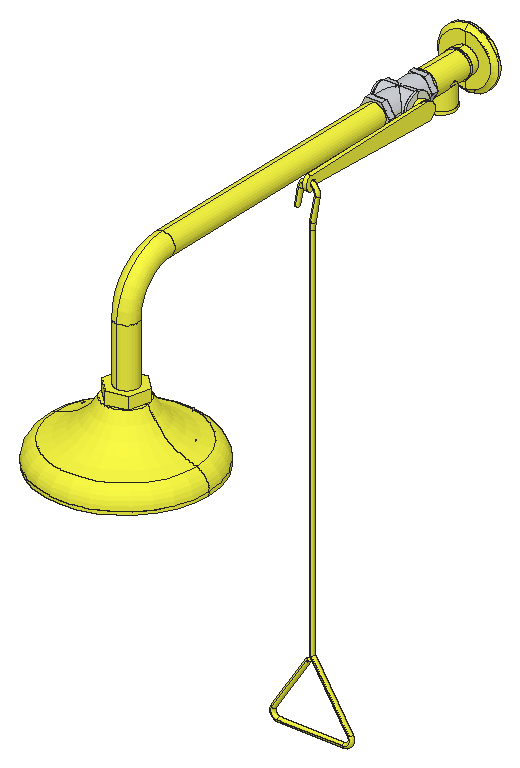
Revit family "1110", category Plumbing Fixtures, Revit 2015
Parameters (values of type "1110")
  URL = "www.arboles.co.uk"
  Service = "Potable water"
  Pressure = "1.5 - 8bar, Recommended 2 Bar"
  Mounting = "Wall mounting elbow backplate"
  Model = "1110"
  Materails = "Galvanised steel tube, Rilsan plastic coating, ABS Bowl"
  Manufacturer = "Arboles UK Ltd, Tel:01204 388814"
  Inlet = "1\" BSP Female"
  Flow = "110 Lts/Min"
  Description = "Wall mounted emergency drench shower"
  Colour = "Yellow Ral 1016"
Reference planes (in)
  plane 1 "Center (Front/Back)": y = 0
  plane 2: z = 0
  plane 3 "Center (Left/Right)": x = 0
Dimensions and locks (in)
  aligned and locked: level to plane 2
Nested families (in)
  nested 1: "Elbow backplate" at (0, 0, 0), type "Elbow backplate"
  nested 2: "1 inch Valve" at (0, -5.33997, 0), type "1 inch Valve"
  nested 3: "Pull Arm" at (1.54359, -5.34636, 0), type "Pull Arm"
  nested 4: "Pull Lever" at (-0.87059, -13.94737, -29.16948), type "Pull Lever"
  nested 5: "1110 Tube" at (0, -7, 0.0248), type "1110 Tube"
  nested 6: "Shower Bowl A" at (0, -25.5, -10.43474), type "Shower Bowl A"
Definition of nested family "Elbow backplate"
  Reference planes (in)
    plane 1 "Center (Front/Back)": y = 0
    plane 2: z = 0
    plane 3 "Center (Left/Right)": x = 0
  Forms (in)
    Revolve 1, solid
      sketch origin (0, 0, 0) x (0, 1, 0) y (0, 0, 1)
        loop
          line (0, 0) -> (0, 1.81102) -> (-0.12627, 1.81102)
          arc (-0.12627, 1.81102) -> (-0.23858, 1.6559) -> (-0.3937, 1.54359) r 0.6058
          line (-0.3937, 1.54359) -> (-0.3937, 0.7874) -> (-0.90551, 0.7874) -> (-0.90551, 0) -> (0, 0)
        axis (0, 0) -> (-0.90551, 0)
      angle from 0 to 360
    Revolve 2, solid
      sketch origin (0, 0, 0) x (0, 1, 0) y (0, 0, 1)
        loop
          line (-0.90551, 0) -> (-0.90551, 0.7874) -> (-0.90551, 0.8303) -> (-0.98964, 0.8303) -> (-0.98964, 0.78621) -> (-3.47125, 0.78621) -> (-3.47125, 0.8303) -> (-3.56346, 0.8303) -> (-3.56346, 0) -> (-0.90551, 0)
        axis (-0.90551, 0) -> (-3.56346, 0)
      angle from 0 to 360
    Revolve 3, solid
      sketch origin (0, 0, 0) x (0, 1, 0) y (0, 0, 1)
        loop
          line (-2.1855, 0) -> (-2.9729, 0) -> (-2.9729, -1.53543) -> (-3.03133, -1.53543) -> (-3.03133, -1.66934) -> (-2.1855, -1.66934) -> (-2.1855, 0)
        axis (-2.1855, 0) -> (-2.1855, -1.66934)
      angle from 0 to 360
  Lines and regions (in)
    reference lines
      curve 1: line (0, -2.1855, 0) -> (0, -2.1855, -2.16535)
  Dimensions and locks (in)
    aligned and locked: level to plane 2
Definition of nested family "1 inch Valve"
  Reference planes (in)
    plane 1 "Center (Front/Back)": y = 0
    plane 2: z = 0
    plane 3 "Center (Left/Right)": x = 0
  Forms (in)
    Revolve 1, solid
      sketch origin (0, 0, 0) x (1, 0, 0) y (0, 0, 1)
        loop
          line (0, 0) -> (1.1811, 0) -> (1.1811, 0.871) -> (1.06358, 0.871) -> (0.99966, 0.80709) -> (0, 0.80709) -> (-0.86614, 0.80709) -> (-1.04331, 0.62992) -> (-1.13705, 0.62992) -> (-1.1811, 0) -> (0, 0)
        axis (-1.1811, 0) -> (1.1811, 0)
      angle from 0 to 360
    Extrusion 2, solid
      sketch origin (0, 0, 0) x (1, 0, 0) y (0, 0, 1)
        loop
          circle (0, 0) r 0.80709
      from 0 to 1.41732
    Extrusion 3, solid
      sketch origin (0, 0, 0) x (1, 0, 0) y (0, 0, 1)
        loop
          circle (0, 0) r 0.80709
      from 0 to 1.41732
    Extrusion 4, solid
      sketch origin (0, 0, 0) x (1, 0, 0) y (0, 0, 1)
        loop
          circle (0, 0) r 0.80709
      from 0 to -1.41732
    Extrusion 5, solid
      sketch origin (0, -1.41732, 0) x (1, 0, 0) y (0, 0, 1)
        loop
          line (0.93194, 0) -> (0.46597, 0.80709) -> (-0.46597, 0.80709) -> (-0.93194, 0) -> (-0.46597, -0.80709) -> (0.46597, -0.80709) -> (0.93194, 0)
      from 0 to 0.35433
    Extrusion 6, solid
      sketch origin (0, 1.41732, 0) x (-1, 0, 0) y (0, 0, 1)
        loop
          line (0.46597, -0.80709) -> (0.93194, 0) -> (0.46597, 0.80709) -> (-0.46597, 0.80709) -> (-0.93194, 0) -> (-0.46597, -0.80709) -> (0.46597, -0.80709)
      from 0 to 0.35433
  Dimensions and locks (in)
    aligned and locked: level to plane 2
Definition of nested family "Pull Arm"
  Reference planes (in)
    plane 1 "Center (Front/Back)": y = 0
    plane 2: z = 0
    plane 3 "Center (Left/Right)": x = 0
  Forms (in)
    Extrusion 1, solid
      sketch origin (0, 0, 0) x (0, 1, 0) y (0, 0, 1)
        loop
          line (0, 0.5315) -> (-8.58268, 0.41342)
          arc (-8.58268, 0.41342) -> (-8.9961, 0) -> (-8.58268, -0.41342) r 0.41342
          arc (-8.58268, -0.41342) -> (-8.35635, -0.34597) -> (-8.20387, -0.16561) r 0.41342
          line (-8.20387, -0.16561) -> (0, -0.5315)
          arc (0, -0.5315) -> (0.5315, 0) -> (0, 0.5315) r 0.5315
      from 0 to 0.23622
    Extrusion 2, solid
      sketch origin (0, 0, 0) x (0, -1, 0) y (0, 0, 1)
        loop
          circle (0, 0) r 0.5315
      from 0 to 0.35433
    Extrusion 3, void
      sketch origin (0, 0, 0) x (0, 1, 0) y (0, 0, 1)
        loop
          circle (-8.58268, 0.00012) r 0.19685
      from 0 to 0.3937
  Cuts and joins
    Extrusion 3 cuts Extrusion 1
  Dimensions and locks (in)
    aligned and locked: level to plane 2
Definition of nested family "Pull Lever"
  Reference planes (in)
    plane 1 "Center (Front/Back)": y = 0
    plane 2: z = 0
    plane 3 "Center (Left/Right)": x = 0
  Forms (in)
    Sweep 1, solid
      path origin (0, 0, 0) x (1, 0, 0) y (0, 0, 1)
        loop
          line (2.46589, 3.79713) -> (0.39492, 0.60813)
          arc (0.39492, 0.60813) -> (0.37912, 0.20584) -> (0.72511, 0) r 0.3937
          line (0.72511, 0) -> (4.59383, 0)
          arc (4.59383, 0) -> (4.93939, 0.20504) -> (4.92501, 0.6066) r 0.3937
          line (4.92501, 0.6066) -> (2.65748, 4.13386) -> (2.65748, 26.76184)
          arc (2.65748, 26.76184) -> (2.66647, 26.96772) -> (2.69337, 27.17203) r 2.3622
          line (2.69337, 27.17203) -> (2.95224, 28.64019)
          arc (2.95224, 28.64019) -> (2.87474, 28.9898) -> (2.57272, 29.18221) r 0.46788
          line (2.57272, 29.18221) -> (2.52864, 29.18998)
          arc (2.52864, 29.18998) -> (2.17624, 29.11186) -> (1.9823, 28.80743) r 0.47161
          line (1.9823, 28.80743) -> (1.79073, 27.721)
      profile origin (2.65947, 0, 0) x (0, 0, 1) y (0, -1, 0)
        loop
          circle (0, 0) r 0.12795
  Dimensions and locks (in)
    aligned and locked: level to plane 2
Definition of nested family "1110 Tube"
  Reference planes (in)
    plane 1 "Center (Front/Back)": y = 0
    plane 2: z = 0
    plane 3 "Center (Left/Right)": x = 0
  Forms (in)
    Sweep 1, solid
      path origin (0, 0, 0) x (0, 1, 0) y (0, 0, 1)
        loop
          line (0, 0) -> (-15.74803, 0)
          arc (-15.74803, 0) -> (-17.69675, -0.80719) -> (-18.50394, -2.75591) r 2.75591
          line (-18.50394, -2.75591) -> (-18.50394, -6.29921)
      profile origin (0, -7.87402, 0) x (0, 0, -1) y (1, 0, 0)
        loop
          circle (0, 0) r 0.66929
  Dimensions and locks (in)
    aligned and locked: level to plane 2
Definition of nested family "Shower Bowl A"
  Reference planes (in)
    plane 1 "Center (Front/Back)": y = 0
    plane 2: z = 0
    plane 3 "Center (Left/Right)": x = 0
  Forms (in)
    Revolve 1, solid
      sketch origin (0, 0, 0) x (1, 0, 0) y (0, 0, 1)
        loop
          line (4.92126, 0) -> (4.92126, 0.19685)
          arc (4.92126, 0.19685) -> (4.71822, 0.85896) -> (4.17892, 1.29343) r 1.1811
          arc (4.17892, 1.29343) -> (2.48647, 2.09506) -> (1.29921, 3.54331) r 4.27389
          line (1.29921, 3.54331) -> (0, 3.54331) -> (0, 1.37795) -> (3.29011, 1.37795) -> (3.29011, 1.47008) -> (4.13115, 1.19681)
          arc (4.13115, 1.19681) -> (4.6311, 0.69167) -> (4.79456, 0) r 1.31292
          line (4.79456, 0) -> (4.92126, 0)
        axis (0, 3.54331) -> (0, 0)
      angle from 0 to 360
    Extrusion 2, solid
      sketch origin (0, 0, 3.54331) x (1, 0, 0) y (0, 1, 0)
        loop
          line (1.20948, 0.32408) -> (0.32408, 1.20948) -> (-0.8854, 0.8854) -> (-1.20948, -0.32408) -> (-0.32408, -1.20948) -> (0.8854, -0.8854) -> (1.20948, 0.32408)
      from 0 to 0.70866
  Dimensions and locks (in)
    aligned and locked: level to plane 2
